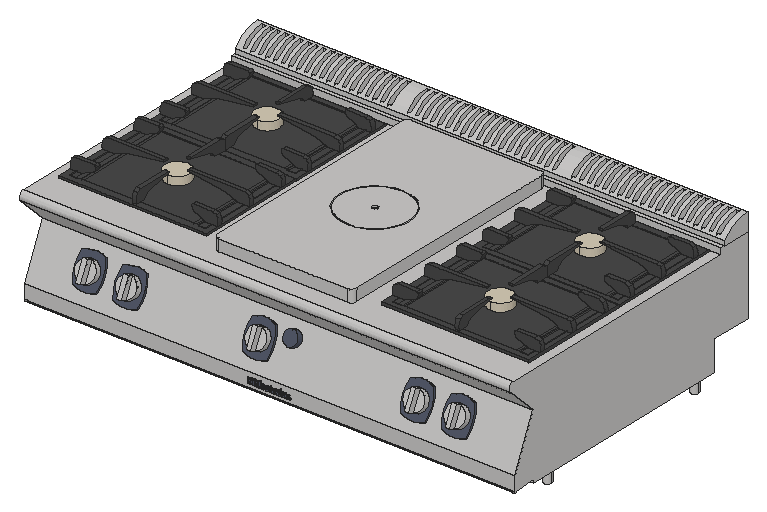
Revit family "QF_ELECTROLUXPROFESSIONAL_371012_E7STGL5000", category Specialty Equipment, Revit 2018
Family settings
  Round Connector Dimension = Use Diameter
  Part Type = Normal
  Work Plane-Based = No
  Always vertical = Yes
  Cut with Voids When Loaded = No
  Shared = No
  Room Calculation Point = No
Parameters (values of type "QF_ELECTROLUX_371012_E7STGL5000.rfa")
  Weight = 70.00 kg
  Watts = 0 W
  Volts = 0 V
  URL Manufacturer = "http://professional.electrolux.com"
  URL = "http://professional.electrolux.com"
  Steam Supply Size = 0"
  Steam Supply Minimum Pressure = 0.00 psi
  Steam Supply Maximum Pressure = 0.00 psi
  Steam Pounds per Hour = 0
  Show Logo [instance] = yes
  Show Clearance [instance] = yes
  Refrigeration Suction Line Size = 0"
  Refrigeration Liquid Line Size = 0"
  Refrigerant Compressor Remote = yes
  Phase = 0
  Model = "E7STGL5000"
  Manufacturer = "Electrolux"
  Length Actual = 1200 mm  # constant formula
  Item Number = "371012"
  Hot Water Size = 0"
  Height Actual = 250 mm  # constant formula
  HP = "0 HP"
  Gas Size = 1/2"
  Gas KW = 25.6
  Gas Input Pressure = 0.890765 Btu/h
  Direct Waste Size = 0"
  Description = "2-BURNER+GAS SOLID TOP+2 BURNER 1200 MM"
  Depth Actual = 730 mm  # constant formula
  Cycle = 0 Hz
  Condensate Return Size = 0"
  Compressed Air Volume = 0 GPM
  Compressed Air Size = 0"
  Compressed Air Pressure = 0.00 psi
  Cold Water Size = 0"
  Assembly Code = ""
  Accessory = yes
Values of the unnamed type that differ from the named types
  URL Manufacturer = ""
  Item Number = ""
  Gas KW = 0
  Gas Input Pressure = 0.0 Btu/h
Reference planes
  plane 1 "BACK": y = 0
  plane 2: z = 0
  plane 3 "LEFT": x = 0
  plane 4 "RIGHT": x = 1200
  plane 5 "FRONT": y = -730
  plane 6 "TOP": z = 900
  plane 7 "Center Y": x = 600
  plane 8 "Center X": y = -365
  plane 9 "Base Height": z = 650
  plane 10: z = 957.175
  plane 11: z = 625
Forms (mm)
  Extrusion 1, solid, material "QF_Finishes_Stainless Steel"
    sketch origin (0, 0, 625.388) x (0, 1, 0) y (0, 0, 1)
      loop
        line (0, 98.612) -> (0, 274.612) -> (-717.671, 274.612)
        arc (-717.671, 274.612) -> (-729.061, 267.002) -> (-726.389, 253.566) r 12.329
        line (-726.389, 253.566) -> (-659.656, 186.836) -> (-715.249, 66.05) -> (-715.249, 32.501)
        arc (-715.249, 32.501) -> (-714.091, 29.9) -> (-711.383, 29.021) r 3.5
        line (-711.383, 29.021) -> (-656.249, 34.815) -> (-656.249, 24.612) -> (-103, 24.612) -> (-103, 98.612) -> (0, 98.612)
    from 0 to 1200
  Extrusion 2, solid, material "QF_Finishes_Stainless Steel"
    sketch origin (0, 0, 625.388) x (0, 1, 0) y (0, 0, 1)
      loop
        line (0, 274.612) -> (0, 288.9) -> (-82, 288.9) -> (-82, 274.612) -> (0, 274.612)
    from 0 to 1200
  Extrusion 3, solid, material "QF_Finishes_Stainless Steel"
    sketch origin (-256.163, -4572, 650) x (-1, 0, 0) y (0, -1, 0)
      loop
        circle (-267.163, -4423) r 9.5
      loop
        circle (-267.163, -3973) r 9.5
      loop
        circle (-1445.163, -3973) r 9.5
      loop
        circle (-1445.163, -4423) r 9.5
    from 0 to -25
  Extrusion 4, solid, material "QF_Finishes_Stainless Steel"
    sketch origin (0, -103, 649.2) x (0, 0, 1) y (1, 0, 0)
      loop
        circle (37.8, 1148) r 6.5
    from 0 to 26.988
  Extrusion 5, void
    sketch origin (34.989, 0, 914.313) x (-1, 0, 0) y (0, -1, 0)
      loop
        line (-335.017, 6.761) -> (-335.017, 63.911) -> (-344.313, 63.911) -> (-344.313, 6.761) -> (-335.017, 6.761)
      loop
        line (-316.325, 6.761) -> (-316.325, 63.911) -> (-325.62, 63.911) -> (-325.62, 6.761) -> (-316.325, 6.761)
      loop
        line (-297.632, 6.761) -> (-297.632, 63.911) -> (-306.928, 63.911) -> (-306.928, 6.761) -> (-297.632, 6.761)
      loop
        line (-278.94, 6.761) -> (-278.94, 63.911) -> (-288.235, 63.911) -> (-288.235, 6.761) -> (-278.94, 6.761)
      loop
        line (-260.247, 6.761) -> (-260.247, 63.911) -> (-269.543, 63.911) -> (-269.543, 6.761) -> (-260.247, 6.761)
      loop
        line (-241.554, 6.761) -> (-241.554, 63.911) -> (-250.85, 63.911) -> (-250.85, 6.761) -> (-241.554, 6.761)
      loop
        line (-222.862, 6.761) -> (-222.862, 63.911) -> (-232.157, 63.911) -> (-232.157, 6.761) -> (-222.862, 6.761)
      loop
        line (-204.169, 6.761) -> (-204.169, 63.911) -> (-213.465, 63.911) -> (-213.465, 6.761) -> (-204.169, 6.761)
      loop
        line (-185.476, 6.761) -> (-185.476, 63.911) -> (-194.772, 63.911) -> (-194.772, 6.761) -> (-185.476, 6.761)
      loop
        line (-166.784, 6.761) -> (-166.784, 63.911) -> (-176.08, 63.911) -> (-176.08, 6.761) -> (-166.784, 6.761)
      loop
        line (-148.091, 6.761) -> (-148.091, 63.911) -> (-157.387, 63.911) -> (-157.387, 6.761) -> (-148.091, 6.761)
      loop
        line (-129.399, 6.761) -> (-129.399, 63.911) -> (-138.694, 63.911) -> (-138.694, 6.761) -> (-129.399, 6.761)
      loop
        line (-110.706, 6.761) -> (-110.706, 63.911) -> (-120.002, 63.911) -> (-120.002, 6.761) -> (-110.706, 6.761)
      loop
        line (-92.013, 6.761) -> (-92.013, 63.911) -> (-101.309, 63.911) -> (-101.309, 6.761) -> (-92.013, 6.761)
      loop
        line (-73.321, 6.761) -> (-73.321, 63.911) -> (-82.617, 63.911) -> (-82.617, 6.761) -> (-73.321, 6.761)
      loop
        line (-54.628, 6.761) -> (-54.628, 63.911) -> (-63.924, 63.911) -> (-63.924, 6.761) -> (-54.628, 6.761)
      loop
        line (-35.936, 6.761) -> (-35.936, 63.911) -> (-45.231, 63.911) -> (-45.231, 6.761) -> (-35.936, 6.761)
      loop
        line (-17.243, 6.761) -> (-17.243, 63.911) -> (-26.539, 63.911) -> (-26.539, 6.761) -> (-17.243, 6.761)
      loop
        line (1.45, 6.761) -> (1.45, 63.911) -> (-7.846, 63.911) -> (-7.846, 6.761) -> (1.45, 6.761)
      loop
        line (20.142, 6.761) -> (20.142, 63.911) -> (10.846, 63.911) -> (10.846, 6.761) -> (20.142, 6.761)
      loop
        line (-795.005, 6.761) -> (-785.709, 6.761) -> (-785.709, 63.911) -> (-795.005, 63.911) -> (-795.005, 6.761)
      loop
        line (-813.697, 6.761) -> (-804.401, 6.761) -> (-804.401, 63.911) -> (-813.697, 63.911) -> (-813.697, 6.761)
      loop
        line (-832.39, 6.761) -> (-823.094, 6.761) -> (-823.094, 63.911) -> (-832.39, 63.911) -> (-832.39, 6.761)
      loop
        line (-851.082, 6.761) -> (-841.787, 6.761) -> (-841.787, 63.911) -> (-851.082, 63.911) -> (-851.082, 6.761)
      loop
        line (-869.775, 6.761) -> (-860.479, 6.761) -> (-860.479, 63.911) -> (-869.775, 63.911) -> (-869.775, 6.761)
      loop
        line (-888.468, 6.761) -> (-879.172, 6.761) -> (-879.172, 63.911) -> (-888.468, 63.911) -> (-888.468, 6.761)
      loop
        line (-907.16, 6.761) -> (-897.864, 6.761) -> (-897.864, 63.911) -> (-907.16, 63.911) -> (-907.16, 6.761)
      loop
        line (-925.853, 6.761) -> (-916.557, 6.761) -> (-916.557, 63.911) -> (-925.853, 63.911) -> (-925.853, 6.761)
      loop
        line (-944.545, 6.761) -> (-935.25, 6.761) -> (-935.25, 63.911) -> (-944.545, 63.911) -> (-944.545, 6.761)
      loop
        line (-963.238, 6.761) -> (-953.942, 6.761) -> (-953.942, 63.911) -> (-963.238, 63.911) -> (-963.238, 6.761)
      loop
        line (-981.931, 6.761) -> (-972.635, 6.761) -> (-972.635, 63.911) -> (-981.931, 63.911) -> (-981.931, 6.761)
      loop
        line (-1000.623, 6.761) -> (-991.328, 6.761) -> (-991.328, 63.911) -> (-1000.623, 63.911) -> (-1000.623, 6.761)
      loop
        line (-1019.316, 6.761) -> (-1010.02, 6.761) -> (-1010.02, 63.911) -> (-1019.316, 63.911) -> (-1019.316, 6.761)
      loop
        line (-1038.008, 6.761) -> (-1028.713, 6.761) -> (-1028.713, 63.911) -> (-1038.008, 63.911) -> (-1038.008, 6.761)
      loop
        line (-1056.701, 6.761) -> (-1047.405, 6.761) -> (-1047.405, 63.911) -> (-1056.701, 63.911) -> (-1056.701, 6.761)
      loop
        line (-1075.394, 6.761) -> (-1066.098, 6.761) -> (-1066.098, 63.911) -> (-1075.394, 63.911) -> (-1075.394, 6.761)
      loop
        line (-1094.086, 6.761) -> (-1084.791, 6.761) -> (-1084.791, 63.911) -> (-1094.086, 63.911) -> (-1094.086, 6.761)
      loop
        line (-1112.779, 6.761) -> (-1103.483, 6.761) -> (-1103.483, 63.911) -> (-1112.779, 63.911) -> (-1112.779, 6.761)
      loop
        line (-1131.472, 6.761) -> (-1122.176, 6.761) -> (-1122.176, 63.911) -> (-1131.472, 63.911) -> (-1131.472, 6.761)
      loop
        line (-1150.164, 6.761) -> (-1140.868, 6.761) -> (-1140.868, 63.911) -> (-1150.164, 63.911) -> (-1150.164, 6.761)
      loop
        line (-392.079, 6.761) -> (-382.783, 6.761) -> (-382.783, 63.911) -> (-392.079, 63.911) -> (-392.079, 6.761)
      loop
        line (-410.772, 6.761) -> (-401.476, 6.761) -> (-401.476, 63.911) -> (-410.772, 63.911) -> (-410.772, 6.761)
      loop
        line (-429.464, 6.761) -> (-420.169, 6.761) -> (-420.169, 63.911) -> (-429.464, 63.911) -> (-429.464, 6.761)
      loop
        line (-448.157, 6.761) -> (-438.861, 6.761) -> (-438.861, 63.911) -> (-448.157, 63.911) -> (-448.157, 6.761)
      loop
        line (-466.849, 6.761) -> (-457.554, 6.761) -> (-457.554, 63.911) -> (-466.849, 63.911) -> (-466.849, 6.761)
      loop
        line (-485.542, 6.761) -> (-476.246, 6.761) -> (-476.246, 63.911) -> (-485.542, 63.911) -> (-485.542, 6.761)
      loop
        line (-504.235, 6.761) -> (-494.939, 6.761) -> (-494.939, 63.911) -> (-504.235, 63.911) -> (-504.235, 6.761)
      loop
        line (-522.927, 6.761) -> (-513.632, 6.761) -> (-513.632, 63.911) -> (-522.927, 63.911) -> (-522.927, 6.761)
      loop
        line (-541.62, 6.761) -> (-532.324, 6.761) -> (-532.324, 63.911) -> (-541.62, 63.911) -> (-541.62, 6.761)
      loop
        line (-560.313, 6.761) -> (-551.017, 6.761) -> (-551.017, 63.911) -> (-560.313, 63.911) -> (-560.313, 6.761)
      loop
        line (-579.005, 6.761) -> (-569.709, 6.761) -> (-569.709, 63.911) -> (-579.005, 63.911) -> (-579.005, 6.761)
      loop
        line (-597.698, 6.761) -> (-588.402, 6.761) -> (-588.402, 63.911) -> (-597.698, 63.911) -> (-597.698, 6.761)
      loop
        line (-616.39, 6.761) -> (-607.095, 6.761) -> (-607.095, 63.911) -> (-616.39, 63.911) -> (-616.39, 6.761)
      loop
        line (-635.083, 6.761) -> (-625.787, 6.761) -> (-625.787, 63.911) -> (-635.083, 63.911) -> (-635.083, 6.761)
      loop
        line (-653.776, 6.761) -> (-644.48, 6.761) -> (-644.48, 63.911) -> (-653.776, 63.911) -> (-653.776, 6.761)
      loop
        line (-672.468, 6.761) -> (-663.172, 6.761) -> (-663.172, 63.911) -> (-672.468, 63.911) -> (-672.468, 6.761)
      loop
        line (-691.161, 6.761) -> (-681.865, 6.761) -> (-681.865, 63.911) -> (-691.161, 63.911) -> (-691.161, 6.761)
      loop
        line (-709.853, 6.761) -> (-700.558, 6.761) -> (-700.558, 63.911) -> (-709.853, 63.911) -> (-709.853, 6.761)
      loop
        line (-728.546, 6.761) -> (-719.25, 6.761) -> (-719.25, 63.911) -> (-728.546, 63.911) -> (-728.546, 6.761)
      loop
        line (-747.239, 6.761) -> (-737.943, 6.761) -> (-737.943, 63.911) -> (-747.239, 63.911) -> (-747.239, 6.761)
    from 9.525 to 45.348
  Extrusion 6, solid, material "QF_Finishes_Stainless Steel"
    sketch origin (0, 0, 639.675) x (0, 1, 0) y (0, 0, 1)
      loop
        line (0, 274.613) -> (0, 317.5)
        arc (0, 317.5) -> (-38.885, 309.109) -> (-69.85, 284.137) r 86.116
        line (-69.85, 284.137) -> (-69.85, 274.613) -> (0, 274.613)
    from 0 to 1200
  Extrusion 7, solid, material "QF_Finishes_Clearance", visible <- "Show Clearance", detail levels coarse
    sketch origin (0, 0, 625.388) x (1, 0, 0) y (0, 1, 0)
      loop
        line (0, -730) -> (0, 0) -> (1200, 0) -> (1200, -730) -> (1350, -730) -> (1350, 150) -> (-150, 150) -> (-150, -730) -> (0, -730)
    from -0.388 to 331.787
  Extrusion 8, solid, material "QF_Finishes_Stainless Steel"
    sketch origin (17.4, 0, 900.025) x (0, -1, 0) y (1, 0, 0)
      loop
        arc (82.3, 425.3) -> (86.02, 416.32) -> (95, 412.6) r 12.7
        line (95, 412.6) -> (659.6, 412.6)
        arc (659.6, 412.6) -> (668.58, 416.32) -> (672.3, 425.3) r 12.7
        line (672.3, 425.3) -> (672.3, 739.9)
        arc (672.3, 739.9) -> (668.58, 748.88) -> (659.6, 752.6) r 12.7
        line (659.6, 752.6) -> (95, 752.6)
        arc (95, 752.6) -> (86.02, 748.88) -> (82.3, 739.9) r 12.7
        line (82.3, 739.9) -> (82.3, 425.3)
      loop
        circle (392.3, 582.6) r 82.55
      loop
        circle (392.3, 582.749) r 7
      loop
        arc (321.294, 630.138) -> (332.808, 521.513) -> (441.693, 512.789) r 85.532
        arc (441.693, 512.789) -> (467.94, 542.808) -> (477.742, 581.461) r 85.614
        arc (477.742, 581.461) -> (417.686, 664.192) -> (321.294, 630.138) r 85.45
    from 0 to 28.575
  Extrusion 9, solid, material "QF_Finishes_Stainless Steel"
    sketch origin (-0.019, 12.7, 900.025) x (0, -1, 0) y (1, 0, 0)
      loop
        circle (405, 600) r 7
    from 0 to 26.981
  Extrusion 10, solid, material "QF_Finishes_Navy Blue"
    sketch origin (-402.256, -713.89, 694.39) x (0, 0.418102, 0.9084) y (-1, 0, 0)
      loop
        arc (102.623, -510.47) -> (67.041, -502.846) -> (31.333, -509.853) r 90.5
        arc (31.333, -509.853) -> (24.507, -539.04) -> (31.333, -568.228) r 65.817
        arc (31.333, -568.228) -> (67.04, -575.188) -> (102.623, -567.615) r 91.066
        arc (102.623, -567.615) -> (109.179, -539.043) -> (102.623, -510.47) r 65.546
    from 0 to 3.175
  Extrusion 11, solid, material "QF_Finishes_Stainless Steel"
    sketch origin (-23.506, -717.604, 693.916) x (0, 0.418102, 0.9084) y (-1, 0, 0)
      loop
        circle (68.826, -160.963) r 25.4
    from 0 to 12.7
  Extrusion 12, solid, material "QF_Finishes_Stainless Steel"
    sketch origin (-23.506, -729.14, 699.226) x (0, 0.418102, 0.9084) y (-1, 0, 0)
      loop
        arc (93.558, -166.749) -> (94.226, -160.963) -> (93.558, -155.177) r 25.4
        line (93.558, -155.177) -> (44.094, -155.177)
        arc (44.094, -155.177) -> (43.426, -160.963) -> (44.094, -166.749) r 25.4
        line (44.094, -166.749) -> (93.558, -166.749)
    from 0 to 12.7
  Extrusion 13, solid, material "QF_Finishes_Navy Blue"
    sketch origin (-302.256, -713.89, 694.39) x (0, 0.418102, 0.9084) y (-1, 0, 0)
      loop
        arc (102.623, -510.47) -> (67.041, -502.846) -> (31.333, -509.853) r 90.5
        arc (31.333, -509.853) -> (24.507, -539.04) -> (31.333, -568.228) r 65.817
        arc (31.333, -568.228) -> (67.04, -575.188) -> (102.623, -567.615) r 91.066
        arc (102.623, -567.615) -> (109.179, -539.043) -> (102.623, -510.47) r 65.546
    from 0 to 3.175
  Extrusion 14, solid, material "QF_Finishes_Stainless Steel"
    sketch origin (76.494, -717.604, 693.916) x (0, 0.418102, 0.9084) y (-1, 0, 0)
      loop
        circle (68.826, -160.963) r 25.4
    from 0 to 12.7
  Extrusion 15, solid, material "QF_Finishes_Stainless Steel"
    sketch origin (76.494, -729.14, 699.226) x (0, 0.418102, 0.9084) y (-1, 0, 0)
      loop
        arc (93.558, -166.749) -> (94.226, -160.963) -> (93.558, -155.177) r 25.4
        line (93.558, -155.177) -> (44.094, -155.177)
        arc (44.094, -155.177) -> (43.426, -160.963) -> (44.094, -166.749) r 25.4
        line (44.094, -166.749) -> (93.558, -166.749)
    from 0 to 12.7
  Extrusion 16, solid, material "QF_Finishes_Navy Blue"
    sketch origin (15.287, -713.89, 694.39) x (0, 0.418102, 0.9084) y (-1, 0, 0)
      loop
        arc (102.623, -510.47) -> (67.041, -502.846) -> (31.333, -509.853) r 90.5
        arc (31.333, -509.853) -> (24.507, -539.04) -> (31.333, -568.228) r 65.817
        arc (31.333, -568.228) -> (67.04, -575.188) -> (102.623, -567.615) r 91.066
        arc (102.623, -567.615) -> (109.179, -539.043) -> (102.623, -510.47) r 65.546
    from 0 to 3.175
  Extrusion 17, solid, material "QF_Finishes_Stainless Steel"
    sketch origin (394.037, -717.604, 693.916) x (0, 0.418102, 0.9084) y (-1, 0, 0)
      loop
        circle (68.826, -160.963) r 25.4
    from 0 to 12.7
  Extrusion 18, solid, material "QF_Finishes_Stainless Steel"
    sketch origin (394.037, -729.14, 699.226) x (0, 0.418102, 0.9084) y (-1, 0, 0)
      loop
        arc (93.558, -166.749) -> (94.226, -160.963) -> (93.558, -155.177) r 25.4
        line (93.558, -155.177) -> (44.094, -155.177)
        arc (44.094, -155.177) -> (43.426, -160.963) -> (44.094, -166.749) r 25.4
        line (44.094, -166.749) -> (93.558, -166.749)
    from 0 to 12.7
  Extrusion 19, solid, material "QF_Finishes_Navy Blue"
    sketch origin (314.557, -703.438, 717.1) x (0, 0.418102, 0.9084) y (-1, 0, 0)
      loop
        circle (65.471, -315.169) r 17.78
    from 0 to 12.7
  Extrusion 20, solid, material "QF_Finishes_Navy Blue"
    sketch origin (402.744, -713.89, 694.39) x (0, 0.418102, 0.9084) y (-1, 0, 0)
      loop
        arc (102.623, -510.47) -> (67.041, -502.846) -> (31.333, -509.853) r 90.5
        arc (31.333, -509.853) -> (24.507, -539.04) -> (31.333, -568.228) r 65.817
        arc (31.333, -568.228) -> (67.04, -575.188) -> (102.623, -567.615) r 91.066
        arc (102.623, -567.615) -> (109.179, -539.043) -> (102.623, -510.47) r 65.546
    from 0 to 3.175
  Extrusion 21, solid, material "QF_Finishes_Stainless Steel"
    sketch origin (781.494, -717.604, 693.916) x (0, 0.418102, 0.9084) y (-1, 0, 0)
      loop
        circle (68.826, -160.963) r 25.4
    from 0 to 12.7
  Extrusion 22, solid, material "QF_Finishes_Stainless Steel"
    sketch origin (781.494, -729.14, 699.226) x (0, 0.418102, 0.9084) y (-1, 0, 0)
      loop
        arc (93.558, -166.749) -> (94.226, -160.963) -> (93.558, -155.177) r 25.4
        line (93.558, -155.177) -> (44.094, -155.177)
        arc (44.094, -155.177) -> (43.426, -160.963) -> (44.094, -166.749) r 25.4
        line (44.094, -166.749) -> (93.558, -166.749)
    from 0 to 12.7
  Extrusion 23, solid, material "QF_Finishes_Navy Blue"
    sketch origin (502.744, -713.89, 694.39) x (0, 0.418102, 0.9084) y (-1, 0, 0)
      loop
        arc (102.623, -510.47) -> (67.041, -502.846) -> (31.333, -509.853) r 90.5
        arc (31.333, -509.853) -> (24.507, -539.04) -> (31.333, -568.228) r 65.817
        arc (31.333, -568.228) -> (67.04, -575.188) -> (102.623, -567.615) r 91.066
        arc (102.623, -567.615) -> (109.179, -539.043) -> (102.623, -510.47) r 65.546
    from 0 to 3.175
  Extrusion 24, solid, material "QF_Finishes_Stainless Steel"
    sketch origin (881.494, -717.604, 693.916) x (0, 0.418102, 0.9084) y (-1, 0, 0)
      loop
        circle (68.826, -160.963) r 25.4
    from 0 to 12.7
  Extrusion 25, solid, material "QF_Finishes_Stainless Steel"
    sketch origin (881.494, -729.14, 699.226) x (0, 0.418102, 0.9084) y (-1, 0, 0)
      loop
        arc (93.558, -166.749) -> (94.226, -160.963) -> (93.558, -155.177) r 25.4
        line (93.558, -155.177) -> (44.094, -155.177)
        arc (44.094, -155.177) -> (43.426, -160.963) -> (44.094, -166.749) r 25.4
        line (44.094, -166.749) -> (93.558, -166.749)
    from 0 to 12.7
Cuts and joins
  Extrusion 5 cuts Extrusion 6
  joined: Extrusion 1, Extrusion 2
Lines and regions (mm)
  symbolic lines
    curve 1: line (0, -730, 0) -> (1200, -730, 0)
    curve 2: line (0, 0, 0) -> (0, -730, 0)
    curve 3: line (1200, 0, 0) -> (0, 0, 0)
    curve 4: line (1200, -730, 0) -> (1200, 0, 0)
    curve 5: line (0, -76.2, 0) -> (1200, -76.2, 0)
    curve 6: line (0, -69.85, 0) -> (1200, -69.85, 0)
    curve 7: line (14.847, -63.911, 0) -> (14.847, -6.761, 0)
    curve 8: line (14.847, -6.761, 0) -> (24.143, -6.761, 0)
    curve 9: line (24.143, -6.761, 0) -> (24.143, -63.911, 0)
    curve 10: line (24.143, -63.911, 0) -> (14.847, -63.911, 0)
    curve 11: line (33.539, -63.911, 0) -> (33.539, -6.761, 0)
    curve 12: line (33.539, -6.761, 0) -> (42.835, -6.761, 0)
    curve 13: line (42.835, -6.761, 0) -> (42.835, -63.911, 0)
    curve 14: line (42.835, -63.911, 0) -> (33.539, -63.911, 0)
    curve 15: line (52.232, -63.911, 0) -> (52.232, -6.761, 0)
    curve 16: line (52.232, -6.761, 0) -> (61.528, -6.761, 0)
    curve 17: line (61.528, -6.761, 0) -> (61.528, -63.911, 0)
    curve 18: line (61.528, -63.911, 0) -> (52.232, -63.911, 0)
    curve 19: line (70.925, -63.911, 0) -> (70.925, -6.761, 0)
    curve 20: line (70.925, -6.761, 0) -> (80.22, -6.761, 0)
    curve 21: line (80.22, -6.761, 0) -> (80.22, -63.911, 0)
    curve 22: line (80.22, -63.911, 0) -> (70.925, -63.911, 0)
    curve 23: line (89.617, -63.911, 0) -> (89.617, -6.761, 0)
    curve 24: line (89.617, -6.761, 0) -> (98.913, -6.761, 0)
    curve 25: line (98.913, -6.761, 0) -> (98.913, -63.911, 0)
    curve 26: line (98.913, -63.911, 0) -> (89.617, -63.911, 0)
    curve 27: line (108.31, -63.911, 0) -> (108.31, -6.761, 0)
    curve 28: line (108.31, -6.761, 0) -> (117.606, -6.761, 0)
    curve 29: line (117.606, -6.761, 0) -> (117.606, -63.911, 0)
    curve 30: line (117.606, -63.911, 0) -> (108.31, -63.911, 0)
    curve 31: line (127.002, -63.911, 0) -> (127.002, -6.761, 0)
    curve 32: line (127.002, -6.761, 0) -> (136.298, -6.761, 0)
    curve 33: line (136.298, -6.761, 0) -> (136.298, -63.911, 0)
    curve 34: line (136.298, -63.911, 0) -> (127.002, -63.911, 0)
    curve 35: line (145.695, -63.911, 0) -> (145.695, -6.761, 0)
    curve 36: line (145.695, -6.761, 0) -> (154.991, -6.761, 0)
    curve 37: line (154.991, -6.761, 0) -> (154.991, -63.911, 0)
    curve 38: line (154.991, -63.911, 0) -> (145.695, -63.911, 0)
    curve 39: line (164.388, -63.911, 0) -> (164.388, -6.761, 0)
    curve 40: line (164.388, -6.761, 0) -> (173.683, -6.761, 0)
    curve 41: line (173.683, -6.761, 0) -> (173.683, -63.911, 0)
    curve 42: line (173.683, -63.911, 0) -> (164.388, -63.911, 0)
    curve 43: line (183.08, -63.911, 0) -> (183.08, -6.761, 0)
    curve 44: line (183.08, -6.761, 0) -> (192.376, -6.761, 0)
    curve 45: line (192.376, -6.761, 0) -> (192.376, -63.911, 0)
    curve 46: line (192.376, -63.911, 0) -> (183.08, -63.911, 0)
    curve 47: line (201.773, -63.911, 0) -> (201.773, -6.761, 0)
    curve 48: line (201.773, -6.761, 0) -> (211.069, -6.761, 0)
    curve 49: line (211.069, -6.761, 0) -> (211.069, -63.911, 0)
    curve 50: line (211.069, -63.911, 0) -> (201.773, -63.911, 0)
    curve 51: line (220.466, -63.911, 0) -> (220.466, -6.761, 0)
    curve 52: line (220.466, -6.761, 0) -> (229.761, -6.761, 0)
    curve 53: line (229.761, -6.761, 0) -> (229.761, -63.911, 0)
    curve 54: line (229.761, -63.911, 0) -> (220.466, -63.911, 0)
    curve 55: line (239.158, -63.911, 0) -> (239.158, -6.761, 0)
    curve 56: line (239.158, -6.761, 0) -> (248.454, -6.761, 0)
    curve 57: line (248.454, -6.761, 0) -> (248.454, -63.911, 0)
    curve 58: line (248.454, -63.911, 0) -> (239.158, -63.911, 0)
    curve 59: line (370.006, -63.911, 0) -> (370.006, -6.761, 0)
    curve 60: line (370.006, -6.761, 0) -> (379.302, -6.761, 0)
    curve 61: line (379.302, -6.761, 0) -> (379.302, -63.911, 0)
    curve 62: line (379.302, -63.911, 0) -> (370.006, -63.911, 0)
    curve 63: line (351.314, -63.911, 0) -> (351.314, -6.761, 0)
    curve 64: line (351.314, -6.761, 0) -> (360.61, -6.761, 0)
    curve 65: line (360.61, -6.761, 0) -> (360.61, -63.911, 0)
    curve 66: line (360.61, -63.911, 0) -> (351.314, -63.911, 0)
    curve 67: line (332.621, -63.911, 0) -> (332.621, -6.761, 0)
    curve 68: line (332.621, -6.761, 0) -> (341.917, -6.761, 0)
    curve 69: line (341.917, -6.761, 0) -> (341.917, -63.911, 0)
    curve 70: line (341.917, -63.911, 0) -> (332.621, -63.911, 0)
    curve 71: line (313.929, -63.911, 0) -> (313.929, -6.761, 0)
    curve 72: line (313.929, -6.761, 0) -> (323.224, -6.761, 0)
    curve 73: line (323.224, -6.761, 0) -> (323.224, -63.911, 0)
    curve 74: line (323.224, -63.911, 0) -> (313.929, -63.911, 0)
    curve 75: line (295.236, -63.911, 0) -> (295.236, -6.761, 0)
    curve 76: line (295.236, -6.761, 0) -> (304.532, -6.761, 0)
    curve 77: line (304.532, -6.761, 0) -> (304.532, -63.911, 0)
    curve 78: line (304.532, -63.911, 0) -> (295.236, -63.911, 0)
    curve 79: line (276.543, -63.911, 0) -> (276.543, -6.761, 0)
    curve 80: line (276.543, -6.761, 0) -> (285.839, -6.761, 0)
    curve 81: line (285.839, -6.761, 0) -> (285.839, -63.911, 0)
    curve 82: line (285.839, -63.911, 0) -> (276.543, -63.911, 0)
    curve 83: line (257.851, -63.911, 0) -> (257.851, -6.761, 0)
    curve 84: line (257.851, -6.761, 0) -> (267.146, -6.761, 0)
    curve 85: line (267.146, -6.761, 0) -> (267.146, -63.911, 0)
    curve 86: line (267.146, -63.911, 0) -> (257.851, -63.911, 0)
    curve 87: line (0, -715.249, 0) -> (1200, -715.249, 0)
    curve 91: line (430, -95, 150) -> (430, -659.6, 150)
    curve 92: arc (430, -659.6, 150) -> (433.72, -668.58, 150) -> (442.7, -672.3, 150) r 12.7
    curve 93: line (442.7, -672.3, 150) -> (757.3, -672.3, 150)
    curve 94: line (757.3, -82.3, 150) -> (442.7, -82.3, 150)
    curve 95: arc (442.7, -82.3, 150) -> (433.72, -86.02, 150) -> (430, -95, 150) r 12.7
    curve 96: line (770, -659.6, 150) -> (770, -95, 150)
    curve 97: arc (770, -95, 150) -> (766.28, -86.02, 150) -> (757.3, -82.3, 150) r 12.7
    curve 98: arc (757.3, -672.3, 150) -> (766.28, -668.58, 150) -> (770, -659.6, 150) r 12.7
    curve 99: arc (610.598, -477.09, 150) -> (543.814, -456.68, 150) -> (514.556, -393.272, 150) r 85.45
    curve 100: arc (608.565, -307.28, 150) -> (662.771, -334.321, 150) -> (685.431, -390.499, 150) r 85.45
    curve 101: arc (600, -309.75, 150) -> (517.45, -392.3, 150) -> (600, -474.85, 150) r 82.55
    curve 102: arc (600, -474.85, 150) -> (682.55, -392.3, 150) -> (600, -309.75, 150) r 82.55
    curve 103: arc (600, -385.3, 150) -> (607, -392.3, 150) -> (600, -399.3, 150) r 7
    curve 104: arc (600, -399.3, 150) -> (593, -392.3, 150) -> (600, -385.3, 150) r 7
    curve 105: line (430, -390.499, 150) -> (514.569, -390.499, 150)
    curve 106: line (430, -393.272, 150) -> (514.556, -393.272, 150)
    curve 107: line (685.444, -393.272, 150) -> (770, -393.272, 150)
    curve 108: line (685.431, -390.499, 150) -> (770, -390.499, 150)
    curve 109: arc (514.569, -390.499, 150) -> (543.357, -328.321, 150) -> (608.565, -307.28, 150) r 85.45
    curve 110: arc (685.444, -393.272, 150) -> (663.737, -449.215, 150) -> (610.598, -477.09, 150) r 85.45
    curve 111: line (417.772, -63.911, 0) -> (417.772, -6.761, 0)
    curve 112: line (417.772, -6.761, 0) -> (427.068, -6.761, 0)
    curve 113: line (427.068, -6.761, 0) -> (427.068, -63.911, 0)
    curve 114: line (427.068, -63.911, 0) -> (417.772, -63.911, 0)
    curve 115: line (436.465, -63.911, 0) -> (436.465, -6.761, 0)
    curve 116: line (436.465, -6.761, 0) -> (445.761, -6.761, 0)
    curve 117: line (445.761, -6.761, 0) -> (445.761, -63.911, 0)
    curve 118: line (445.761, -63.911, 0) -> (436.465, -63.911, 0)
    curve 119: line (455.158, -63.911, 0) -> (455.158, -6.761, 0)
    curve 120: line (455.158, -6.761, 0) -> (464.453, -6.761, 0)
    curve 121: line (464.453, -6.761, 0) -> (464.453, -63.911, 0)
    curve 122: line (464.453, -63.911, 0) -> (455.158, -63.911, 0)
    curve 123: line (473.85, -63.911, 0) -> (473.85, -6.761, 0)
    curve 124: line (473.85, -6.761, 0) -> (483.146, -6.761, 0)
    curve 125: line (483.146, -6.761, 0) -> (483.146, -63.911, 0)
    curve 126: line (483.146, -63.911, 0) -> (473.85, -63.911, 0)
    curve 127: line (492.543, -63.911, 0) -> (492.543, -6.761, 0)
    curve 128: line (492.543, -6.761, 0) -> (501.839, -6.761, 0)
    curve 129: line (501.839, -6.761, 0) -> (501.839, -63.911, 0)
    curve 130: line (501.839, -63.911, 0) -> (492.543, -63.911, 0)
    curve 131: line (511.235, -63.911, 0) -> (511.235, -6.761, 0)
    curve 132: line (511.235, -6.761, 0) -> (520.531, -6.761, 0)
    curve 133: line (520.531, -6.761, 0) -> (520.531, -63.911, 0)
    curve 134: line (520.531, -63.911, 0) -> (511.235, -63.911, 0)
    curve 135: line (529.928, -63.911, 0) -> (529.928, -6.761, 0)
    curve 136: line (529.928, -6.761, 0) -> (539.224, -6.761, 0)
    curve 137: line (539.224, -6.761, 0) -> (539.224, -63.911, 0)
    curve 138: line (539.224, -63.911, 0) -> (529.928, -63.911, 0)
    curve 139: line (548.621, -63.911, 0) -> (548.621, -6.761, 0)
    curve 140: line (548.621, -6.761, 0) -> (557.916, -6.761, 0)
    curve 141: line (557.916, -6.761, 0) -> (557.916, -63.911, 0)
    curve 142: line (557.916, -63.911, 0) -> (548.621, -63.911, 0)
    curve 143: line (567.313, -63.911, 0) -> (567.313, -6.761, 0)
    curve 144: line (567.313, -6.761, 0) -> (576.609, -6.761, 0)
    curve 145: line (576.609, -6.761, 0) -> (576.609, -63.911, 0)
    curve 146: line (576.609, -63.911, 0) -> (567.313, -63.911, 0)
    curve 147: line (586.006, -63.911, 0) -> (586.006, -6.761, 0)
    curve 148: line (586.006, -6.761, 0) -> (595.302, -6.761, 0)
    curve 149: line (595.302, -6.761, 0) -> (595.302, -63.911, 0)
    curve 150: line (595.302, -63.911, 0) -> (586.006, -63.911, 0)
    curve 151: line (604.698, -63.911, 0) -> (604.698, -6.761, 0)
    curve 152: line (604.698, -6.761, 0) -> (613.994, -6.761, 0)
    curve 153: line (613.994, -6.761, 0) -> (613.994, -63.911, 0)
    curve 154: line (613.994, -63.911, 0) -> (604.698, -63.911, 0)
    curve 155: line (623.391, -63.911, 0) -> (623.391, -6.761, 0)
    curve 156: line (623.391, -6.761, 0) -> (632.687, -6.761, 0)
    curve 157: line (632.687, -6.761, 0) -> (632.687, -63.911, 0)
    curve 158: line (632.687, -63.911, 0) -> (623.391, -63.911, 0)
    curve 159: line (642.084, -63.911, 0) -> (642.084, -6.761, 0)
    curve 160: line (642.084, -6.761, 0) -> (651.379, -6.761, 0)
    curve 161: line (651.379, -6.761, 0) -> (651.379, -63.911, 0)
    curve 162: line (651.379, -63.911, 0) -> (642.084, -63.911, 0)
    curve 163: line (772.932, -63.911, 0) -> (772.932, -6.761, 0)
    curve 164: line (772.932, -6.761, 0) -> (782.228, -6.761, 0)
    curve 165: line (782.228, -6.761, 0) -> (782.228, -63.911, 0)
    curve 166: line (782.228, -63.911, 0) -> (772.932, -63.911, 0)
    curve 167: line (754.239, -63.911, 0) -> (754.239, -6.761, 0)
    curve 168: line (754.239, -6.761, 0) -> (763.535, -6.761, 0)
    curve 169: line (763.535, -6.761, 0) -> (763.535, -63.911, 0)
    curve 170: line (763.535, -63.911, 0) -> (754.239, -63.911, 0)
    curve 171: line (735.547, -63.911, 0) -> (735.547, -6.761, 0)
    curve 172: line (735.547, -6.761, 0) -> (744.842, -6.761, 0)
    curve 173: line (744.842, -6.761, 0) -> (744.842, -63.911, 0)
    curve 174: line (744.842, -63.911, 0) -> (735.547, -63.911, 0)
    curve 175: line (716.854, -63.911, 0) -> (716.854, -6.761, 0)
    curve 176: line (716.854, -6.761, 0) -> (726.15, -6.761, 0)
    curve 177: line (726.15, -6.761, 0) -> (726.15, -63.911, 0)
    curve 178: line (726.15, -63.911, 0) -> (716.854, -63.911, 0)
    curve 179: line (698.161, -63.911, 0) -> (698.161, -6.761, 0)
    curve 180: line (698.161, -6.761, 0) -> (707.457, -6.761, 0)
    curve 181: line (707.457, -6.761, 0) -> (707.457, -63.911, 0)
    curve 182: line (707.457, -63.911, 0) -> (698.161, -63.911, 0)
    curve 183: line (679.469, -63.911, 0) -> (679.469, -6.761, 0)
    curve 184: line (679.469, -6.761, 0) -> (688.765, -6.761, 0)
    curve 185: line (688.765, -6.761, 0) -> (688.765, -63.911, 0)
    curve 186: line (688.765, -63.911, 0) -> (679.469, -63.911, 0)
    curve 187: line (660.776, -63.911, 0) -> (660.776, -6.761, 0)
    curve 188: line (660.776, -6.761, 0) -> (670.072, -6.761, 0)
    curve 189: line (670.072, -6.761, 0) -> (670.072, -63.911, 0)
    curve 190: line (670.072, -63.911, 0) -> (660.776, -63.911, 0)
    curve 191: line (820.698, -63.911, 0) -> (820.698, -6.761, 0)
    curve 192: line (820.698, -6.761, 0) -> (829.994, -6.761, 0)
    curve 193: line (829.994, -6.761, 0) -> (829.994, -63.911, 0)
    curve 194: line (829.994, -63.911, 0) -> (820.698, -63.911, 0)
    curve 195: line (839.39, -63.911, 0) -> (839.39, -6.761, 0)
    curve 196: line (839.39, -6.761, 0) -> (848.686, -6.761, 0)
    curve 197: line (848.686, -6.761, 0) -> (848.686, -63.911, 0)
    curve 198: line (848.686, -63.911, 0) -> (839.39, -63.911, 0)
    curve 199: line (858.083, -63.911, 0) -> (858.083, -6.761, 0)
    curve 200: line (858.083, -6.761, 0) -> (867.379, -6.761, 0)
    curve 201: line (867.379, -6.761, 0) -> (867.379, -63.911, 0)
    curve 202: line (867.379, -63.911, 0) -> (858.083, -63.911, 0)
    curve 203: line (876.776, -63.911, 0) -> (876.776, -6.761, 0)
    curve 204: line (876.776, -6.761, 0) -> (886.071, -6.761, 0)
    curve 205: line (886.071, -6.761, 0) -> (886.071, -63.911, 0)
    curve 206: line (886.071, -63.911, 0) -> (876.776, -63.911, 0)
    curve 207: line (895.468, -63.911, 0) -> (895.468, -6.761, 0)
    curve 208: line (895.468, -6.761, 0) -> (904.764, -6.761, 0)
    curve 209: line (904.764, -6.761, 0) -> (904.764, -63.911, 0)
    curve 210: line (904.764, -63.911, 0) -> (895.468, -63.911, 0)
    curve 211: line (914.161, -63.911, 0) -> (914.161, -6.761, 0)
    curve 212: line (914.161, -6.761, 0) -> (923.457, -6.761, 0)
    curve 213: line (923.457, -6.761, 0) -> (923.457, -63.911, 0)
    curve 214: line (923.457, -63.911, 0) -> (914.161, -63.911, 0)
    curve 215: line (932.854, -63.911, 0) -> (932.854, -6.761, 0)
    curve 216: line (932.854, -6.761, 0) -> (942.149, -6.761, 0)
    curve 217: line (942.149, -6.761, 0) -> (942.149, -63.911, 0)
    curve 218: line (942.149, -63.911, 0) -> (932.854, -63.911, 0)
    curve 219: line (951.546, -63.911, 0) -> (951.546, -6.761, 0)
    curve 220: line (951.546, -6.761, 0) -> (960.842, -6.761, 0)
    curve 221: line (960.842, -6.761, 0) -> (960.842, -63.911, 0)
    curve 222: line (960.842, -63.911, 0) -> (951.546, -63.911, 0)
    curve 223: line (970.239, -63.911, 0) -> (970.239, -6.761, 0)
    curve 224: line (970.239, -6.761, 0) -> (979.534, -6.761, 0)
    curve 225: line (979.534, -6.761, 0) -> (979.534, -63.911, 0)
    curve 226: line (979.534, -63.911, 0) -> (970.239, -63.911, 0)
    curve 227: line (988.931, -63.911, 0) -> (988.931, -6.761, 0)
    curve 228: line (988.931, -6.761, 0) -> (998.227, -6.761, 0)
    curve 229: line (998.227, -6.761, 0) -> (998.227, -63.911, 0)
    curve 230: line (998.227, -63.911, 0) -> (988.931, -63.911, 0)
    curve 231: line (1007.624, -63.911, 0) -> (1007.624, -6.761, 0)
    curve 232: line (1007.624, -6.761, 0) -> (1016.92, -6.761, 0)
    curve 233: line (1016.92, -6.761, 0) -> (1016.92, -63.911, 0)
    curve 234: line (1016.92, -63.911, 0) -> (1007.624, -63.911, 0)
    curve 235: line (1026.317, -63.911, 0) -> (1026.317, -6.761, 0)
    curve 236: line (1026.317, -6.761, 0) -> (1035.612, -6.761, 0)
    curve 237: line (1035.612, -6.761, 0) -> (1035.612, -63.911, 0)
    curve 238: line (1035.612, -63.911, 0) -> (1026.317, -63.911, 0)
    curve 239: line (1045.009, -63.911, 0) -> (1045.009, -6.761, 0)
    curve 240: line (1045.009, -6.761, 0) -> (1054.305, -6.761, 0)
    curve 241: line (1054.305, -6.761, 0) -> (1054.305, -63.911, 0)
    curve 242: line (1054.305, -63.911, 0) -> (1045.009, -63.911, 0)
    curve 243: line (1175.857, -63.911, 0) -> (1175.857, -6.761, 0)
    curve 244: line (1175.857, -6.761, 0) -> (1185.153, -6.761, 0)
    curve 245: line (1185.153, -6.761, 0) -> (1185.153, -63.911, 0)
    curve 246: line (1185.153, -63.911, 0) -> (1175.857, -63.911, 0)
    curve 247: line (1157.165, -63.911, 0) -> (1157.165, -6.761, 0)
    curve 248: line (1157.165, -6.761, 0) -> (1166.461, -6.761, 0)
    curve 249: line (1166.461, -6.761, 0) -> (1166.461, -63.911, 0)
    curve 250: line (1166.461, -63.911, 0) -> (1157.165, -63.911, 0)
    curve 251: line (1138.472, -63.911, 0) -> (1138.472, -6.761, 0)
    curve 252: line (1138.472, -6.761, 0) -> (1147.768, -6.761, 0)
    curve 253: line (1147.768, -6.761, 0) -> (1147.768, -63.911, 0)
    curve 254: line (1147.768, -63.911, 0) -> (1138.472, -63.911, 0)
    curve 255: line (1119.78, -63.911, 0) -> (1119.78, -6.761, 0)
    curve 256: line (1119.78, -6.761, 0) -> (1129.075, -6.761, 0)
    curve 257: line (1129.075, -6.761, 0) -> (1129.075, -63.911, 0)
    curve 258: line (1129.075, -63.911, 0) -> (1119.78, -63.911, 0)
    curve 259: line (1101.087, -63.911, 0) -> (1101.087, -6.761, 0)
    curve 260: line (1101.087, -6.761, 0) -> (1110.383, -6.761, 0)
    curve 261: line (1110.383, -6.761, 0) -> (1110.383, -63.911, 0)
    curve 262: line (1110.383, -63.911, 0) -> (1101.087, -63.911, 0)
    curve 263: line (1082.394, -63.911, 0) -> (1082.394, -6.761, 0)
    curve 264: line (1082.394, -6.761, 0) -> (1091.69, -6.761, 0)
    curve 265: line (1091.69, -6.761, 0) -> (1091.69, -63.911, 0)
    curve 266: line (1091.69, -63.911, 0) -> (1082.394, -63.911, 0)
    curve 267: line (1063.702, -63.911, 0) -> (1063.702, -6.761, 0)
    curve 268: line (1063.702, -6.761, 0) -> (1072.998, -6.761, 0)
    curve 269: line (1072.998, -6.761, 0) -> (1072.998, -63.911, 0)
    curve 270: line (1072.998, -63.911, 0) -> (1063.702, -63.911, 0)
  symbolic lines, style "QF-Clearances", visible <- "Show Clearance", detail levels coarse
    curve 88: line (-150, -730, 0) -> (-150, 150, 0)
    curve 89: line (-150, 150, 0) -> (1350, 150, 0)
    curve 90: line (1350, 150, 0) -> (1350, -730, 0)
Dimensions and locks
  equal spacing: plane 3 "LEFT", plane 7 "Center Y", plane 4 "RIGHT"
  plane 3 "LEFT" to plane 4 "RIGHT" = 1200 mm
  equal spacing: plane 5 "FRONT", plane 8 "Center X", plane 1 "BACK"
  plane 5 "FRONT" to plane 1 "BACK" = 730 mm
  plane 9 "Base Height" to level = 650 mm
  plane 6 "TOP" to level = 900 mm
  cut or joined group of Extrusion 1, Extrusion 2 to Extrusion 4 sketch curve = 37 mm
  plane 4 "RIGHT" to Extrusion 4 sketch curve = 52 mm
  aligned and locked: level to plane 2
Automatic sketch dimensions
  curve 99 to curve 100 = 0 mm  (x2)
  curve 99 to curve 101 = 0 mm  (x2)
  curve 99 to curve 102 = 0 mm  (x2)
  curve 99 to curve 103 = 0 mm  (x2)
  curve 99 to curve 104 = 0 mm  (x2)
  curve 99 to curve 109 = 0 mm  (x2)
  curve 99 to curve 110 = 0 mm  (x2)
  curve 100 to curve 101 = 0 mm  (x2)
  curve 100 to curve 102 = 0 mm  (x2)
  curve 100 to curve 103 = 0 mm  (x2)
  curve 100 to curve 104 = 0 mm  (x2)
  curve 100 to curve 109 = 0 mm  (x2)
  curve 100 to curve 110 = 0 mm  (x2)
  curve 101 to curve 102 = 0 mm  (x2)
  curve 101 to curve 103 = 0 mm  (x2)
  curve 101 to curve 104 = 0 mm  (x2)
  curve 101 to curve 109 = 0 mm  (x2)
  curve 101 to curve 110 = 0 mm  (x2)
  curve 102 to curve 103 = 0 mm  (x2)
  curve 102 to curve 104 = 0 mm  (x2)
  curve 102 to curve 109 = 0 mm  (x2)
  curve 102 to curve 110 = 0 mm  (x2)
  curve 103 to curve 104 = 0 mm  (x2)
  curve 103 to curve 109 = 0 mm  (x2)
  curve 103 to curve 110 = 0 mm  (x2)
  curve 104 to curve 109 = 0 mm  (x2)
  curve 104 to curve 110 = 0 mm  (x2)
  curve 109 to curve 110 = 0 mm  (x2)
  curve 109 to plane 7 "Center Y" = 0 mm
  plane 7 "Center Y" to curve 109 = 8.565 mm
  plane 7 "Center Y" to curve 110 = 10.598 mm
  curve 100 to plane 8 "Center X" = 25.499 mm
  plane 7 "Center Y" to curve 100 = 85.431 mm
  curve 110 to curve 100 = 0.013 mm
  plane 7 "Center Y" to curve 97 = 157.3 mm
  curve 98 to plane 5 "FRONT" = 57.7 mm
  plane 7 "Center Y" to curve 98 = 157.3 mm
  curve 108 to curve 108 = 84.569 mm
  curve 109 to plane 8 "Center X" = 25.499 mm
  curve 105 to curve 106 = 0.013 mm
  curve 92 to plane 7 "Center Y" = 157.3 mm
  curve 95 to plane 7 "Center Y" = 157.3 mm
  curve 105 to curve 105 = 84.569 mm
  curve 104 to plane 8 "Center X" = 20.3 mm
  plane 8 "Center X" to curve 102 = 55.25 mm
  curve 109 to curve 102 = 2.47 mm
  plane 1 "BACK" to curve 95 = 95 mm
  curve 105 to curve 106 = 2.773 mm
  Extrusion 2 sketch curve to plane 6 "TOP" = 0 mm
  Extrusion 2 sketch curve to plane 1 "BACK" = 0 mm
  plane 6 "TOP" to Extrusion 2 sketch curve = 14.288 mm
  plane 1 "BACK" to Extrusion 2 sketch curve = 82 mm
  Extrusion 5 sketch curve to plane 4 "RIGHT" = 14.847 mm
  Extrusion 5 sketch curve to Extrusion 5 sketch curve = 9.296 mm  (x59)
  Extrusion 5 sketch curve to Extrusion 5 sketch curve = 9.397 mm  (x56)
  Extrusion 5 sketch curve to Extrusion 5 sketch curve = 38.47 mm  (x2)
  plane 7 "Center Y" to Extrusion 5 sketch curve = 4.698 mm
  Extrusion 5 sketch curve to plane 7 "Center Y" = 4.698 mm
  plane 1 "BACK" to Extrusion 5 sketch curve = 6.761 mm  (x60)
  Extrusion 5 sketch curve to Extrusion 5 sketch curve = 57.15 mm  (x3)
  Extrusion 5 sketch curve to Extrusion 5 sketch curve = 0 mm  (x57)
  Extrusion 6 sketch curve to plane 1 "BACK" = 0 mm
  plane 1 "BACK" to Extrusion 6 sketch curve = 1.769 mm
  plane 1 "BACK" to Extrusion 6 sketch curve = 69.85 mm
  Extrusion 6 sketch curve to Extrusion 6 sketch curve = 9.525 mm
  Extrusion 6 sketch curve to plane 6 "TOP" = 28.923 mm
  plane 5 "FRONT" to Extrusion 7 sketch curve = 0 mm  (x2)
  plane 1 "BACK" to Extrusion 7 sketch curve = 0 mm
  Extrusion 7 sketch curve to plane 3 "LEFT" = 0 mm
  Extrusion 7 sketch curve to plane 4 "RIGHT" = 0 mm
  Extrusion 7 sketch curve to plane 3 "LEFT" = 150 mm
  plane 4 "RIGHT" to Extrusion 7 sketch curve = 150 mm
  Extrusion 7 sketch curve to plane 1 "BACK" = 150 mm
  Extrusion 8 sketch curve to Extrusion 8 sketch curve = 0 mm  (x3)
  Extrusion 8 sketch curve to plane 7 "Center Y" = 0 mm
  plane 1 "BACK" to Extrusion 8 sketch curve = 82.3 mm
  Extrusion 8 sketch curve to Extrusion 8 sketch curve = 12.7 mm  (x3)
  plane 7 "Center Y" to Extrusion 8 sketch curve = 0.002 mm
  Extrusion 8 sketch curve to plane 8 "Center X" = 27.136 mm
  Extrusion 8 sketch curve to Extrusion 8 sketch curve = 0.164 mm
  Extrusion 8 sketch curve to Extrusion 8 sketch curve = 0.207 mm
  Extrusion 8 sketch curve to plane 5 "FRONT" = 70.4 mm  (x2)
  Extrusion 8 sketch curve to plane 7 "Center Y" = 157.3 mm
  plane 7 "Center Y" to Extrusion 8 sketch curve = 0.149 mm
  plane 7 "Center Y" to Extrusion 8 sketch curve = 0.163 mm
  plane 7 "Center Y" to Extrusion 8 sketch curve = 157.3 mm
  plane 8 "Center X" to Extrusion 8 sketch curve = 43.706 mm
  Extrusion 8 sketch curve to plane 8 "Center X" = 76.693 mm
  Extrusion 8 sketch curve to plane 7 "Center Y" = 1.139 mm
  Extrusion 9 sketch curve to Extrusion 9 sketch curve = 0 mm  (x2)
  Extrusion 9 sketch curve to plane 7 "Center Y" = 0.019 mm
  Extrusion 9 sketch curve to plane 8 "Center X" = 27.3 mm
  Extrusion 9 sketch curve to Extrusion 9 sketch curve = 7 mm
  Extrusion 1 sketch curve to plane 6 "TOP" = 0 mm
  Extrusion 1 sketch curve to plane 9 "Base Height" = 0 mm
  Extrusion 1 sketch curve to plane 1 "BACK" = 0 mm
  Extrusion 1 sketch curve to Extrusion 1 sketch curve = 103 mm
  plane 9 "Base Height" to Extrusion 1 sketch curve = 10.203 mm
  Extrusion 1 sketch curve to plane 5 "FRONT" = 73.751 mm
  Extrusion 1 sketch curve to plane 5 "FRONT" = 70.344 mm
  plane 9 "Base Height" to Extrusion 1 sketch curve = 4.408 mm
  Extrusion 1 sketch curve to plane 5 "FRONT" = 18.617 mm
  Extrusion 1 sketch curve to Extrusion 1 sketch curve = 0.366 mm
  Extrusion 1 sketch curve to plane 5 "FRONT" = 14.751 mm
  Extrusion 1 sketch curve to plane 5 "FRONT" = 12.329 mm
  Extrusion 1 sketch curve to plane 5 "FRONT" = 3.611 mm
  Extrusion 1 sketch curve to Extrusion 1 sketch curve = 33.549 mm
  plane 9 "Base Height" to Extrusion 1 sketch curve = 74 mm
  Extrusion 1 sketch curve to plane 6 "TOP" = 87.777 mm
  Extrusion 1 sketch curve to plane 6 "TOP" = 21.046 mm
  Extrusion 3 sketch curve to plane 4 "RIGHT" = 11 mm  (x2)
  plane 3 "LEFT" to Extrusion 3 sketch curve = 11 mm  (x2)
  plane 1 "BACK" to Extrusion 3 sketch curve = 149 mm  (x2)
  Extrusion 3 sketch curve to plane 5 "FRONT" = 131 mm  (x2)
  plane 6 "TOP" to Extrusion 6 sketch curve = 14.288 mm
  plane 3 "LEFT" to Extrusion 10 sketch curve = 136.786 mm
  Extrusion 10 sketch curve to Extrusion 10 sketch curve = 22.625 mm  (x2)
  Extrusion 10 sketch curve to Extrusion 10 sketch curve = 46.691 mm
  Extrusion 10 sketch curve to Extrusion 10 sketch curve = 54.3 mm
  Extrusion 10 sketch curve to Extrusion 10 sketch curve = 0.002 mm
  Extrusion 10 sketch curve to Extrusion 10 sketch curve = 54.917 mm
  Extrusion 10 sketch curve to Extrusion 10 sketch curve = 12.3 mm  (x4)
  Extrusion 12 sketch curve to Extrusion 12 sketch curve = 24.732 mm
  Extrusion 12 sketch curve to Extrusion 12 sketch curve = 0 mm
  plane 3 "LEFT" to Extrusion 13 sketch curve = 236.786 mm
  Extrusion 13 sketch curve to Extrusion 13 sketch curve = 22.625 mm  (x2)
  Extrusion 13 sketch curve to Extrusion 13 sketch curve = 46.691 mm
  Extrusion 13 sketch curve to Extrusion 13 sketch curve = 54.3 mm
  Extrusion 13 sketch curve to Extrusion 13 sketch curve = 0.002 mm
  Extrusion 13 sketch curve to Extrusion 13 sketch curve = 54.917 mm
  Extrusion 13 sketch curve to Extrusion 13 sketch curve = 12.3 mm  (x4)
  Extrusion 15 sketch curve to Extrusion 15 sketch curve = 24.732 mm
  Extrusion 15 sketch curve to Extrusion 15 sketch curve = 0 mm
  Extrusion 16 sketch curve to plane 7 "Center Y" = 45.67 mm
  Extrusion 16 sketch curve to Extrusion 16 sketch curve = 22.625 mm  (x2)
  Extrusion 16 sketch curve to plane 7 "Center Y" = 45.673 mm
  Extrusion 16 sketch curve to Extrusion 16 sketch curve = 46.691 mm
  plane 7 "Center Y" to Extrusion 16 sketch curve = 8.629 mm
  Extrusion 16 sketch curve to plane 7 "Center Y" = 100.587 mm
  Extrusion 16 sketch curve to Extrusion 16 sketch curve = 12.3 mm  (x3)
  Extrusion 16 sketch curve to plane 7 "Center Y" = 17.098 mm
  Extrusion 18 sketch curve to Extrusion 18 sketch curve = 24.732 mm
  Extrusion 18 sketch curve to Extrusion 18 sketch curve = 0 mm
  plane 7 "Center Y" to Extrusion 19 sketch curve = 29.726 mm
  Extrusion 20 sketch curve to plane 4 "RIGHT" = 258.214 mm
  Extrusion 20 sketch curve to Extrusion 20 sketch curve = 22.625 mm  (x2)
  Extrusion 20 sketch curve to Extrusion 20 sketch curve = 46.691 mm
  Extrusion 20 sketch curve to Extrusion 20 sketch curve = 54.3 mm
  Extrusion 20 sketch curve to Extrusion 20 sketch curve = 0.002 mm
  Extrusion 20 sketch curve to Extrusion 20 sketch curve = 54.917 mm
  Extrusion 20 sketch curve to Extrusion 20 sketch curve = 12.3 mm  (x4)
  Extrusion 22 sketch curve to Extrusion 22 sketch curve = 24.732 mm
  Extrusion 22 sketch curve to Extrusion 22 sketch curve = 0 mm
  Extrusion 23 sketch curve to plane 4 "RIGHT" = 158.214 mm
  Extrusion 23 sketch curve to Extrusion 23 sketch curve = 22.625 mm  (x2)
  Extrusion 23 sketch curve to Extrusion 23 sketch curve = 46.691 mm
  Extrusion 23 sketch curve to Extrusion 23 sketch curve = 54.3 mm
  Extrusion 23 sketch curve to Extrusion 23 sketch curve = 0.002 mm
  Extrusion 23 sketch curve to Extrusion 23 sketch curve = 54.917 mm
  Extrusion 23 sketch curve to Extrusion 23 sketch curve = 12.3 mm  (x4)
  Extrusion 25 sketch curve to Extrusion 25 sketch curve = 24.732 mm
  Extrusion 25 sketch curve to Extrusion 25 sketch curve = 0 mm
  plane 5 "FRONT" to curve 88 = 0 mm
  curve 2 to plane 3 "LEFT" = 0 mm
  curve 1 to plane 4 "RIGHT" = 0 mm
  plane 5 "FRONT" to curve 90 = 0 mm
  plane 1 "BACK" to curve 3 = 0 mm
  curve 88 to plane 3 "LEFT" = 150 mm
  plane 3 "LEFT" to curve 10 = 14.847 mm
  curve 7 to curve 8 = 9.296 mm
  curve 8 to curve 12 = 9.397 mm
  curve 11 to curve 14 = 9.296 mm
  curve 12 to curve 16 = 9.397 mm
  curve 15 to curve 18 = 9.296 mm
  curve 16 to curve 20 = 9.397 mm
  curve 19 to curve 22 = 9.296 mm
  curve 20 to curve 24 = 9.397 mm
  curve 23 to curve 26 = 9.296 mm
  curve 25 to curve 30 = 9.397 mm
  curve 27 to curve 28 = 9.296 mm
  curve 29 to curve 34 = 9.397 mm
  curve 31 to curve 32 = 9.296 mm
  curve 32 to curve 36 = 9.397 mm
  curve 35 to curve 38 = 9.296 mm
  curve 37 to curve 42 = 9.397 mm
  curve 39 to curve 40 = 9.296 mm
  curve 40 to curve 44 = 9.397 mm
  curve 43 to curve 44 = 9.296 mm
  curve 44 to curve 48 = 9.397 mm
  curve 47 to curve 48 = 9.296 mm
  curve 48 to curve 51 = 9.397 mm
  curve 51 to curve 52 = 9.296 mm
  curve 52 to curve 56 = 9.397 mm
  curve 55 to curve 58 = 9.296 mm
  curve 57 to curve 83 = 9.397 mm
  curve 83 to curve 85 = 9.296 mm
  curve 85 to curve 82 = 9.397 mm
  curve 79 to curve 80 = 9.296 mm
  curve 81 to curve 78 = 9.397 mm
  curve 75 to curve 77 = 9.296 mm
  curve 77 to curve 74 = 9.397 mm
  curve 71 to curve 72 = 9.296 mm
  curve 73 to curve 67 = 9.397 mm
  curve 67 to curve 68 = 9.296 mm
  curve 69 to curve 63 = 9.397 mm
  curve 63 to curve 64 = 9.296 mm
  curve 65 to curve 62 = 9.397 mm
  curve 59 to curve 60 = 9.296 mm
  curve 61 to curve 114 = 38.47 mm
  curve 111 to curve 112 = 9.296 mm
  curve 112 to curve 116 = 9.397 mm
  curve 115 to curve 116 = 9.296 mm
  curve 117 to curve 119 = 9.397 mm
  curve 119 to curve 121 = 9.296 mm
  curve 120 to curve 123 = 9.397 mm
  curve 123 to curve 126 = 9.296 mm
  curve 125 to curve 130 = 9.397 mm
  curve 127 to curve 129 = 9.296 mm
  curve 129 to curve 131 = 9.397 mm
  curve 131 to curve 132 = 9.296 mm
  curve 133 to curve 135 = 9.397 mm
  curve 135 to curve 136 = 9.296 mm
  curve 137 to curve 139 = 9.397 mm
  curve 139 to curve 140 = 9.296 mm
  curve 141 to curve 146 = 9.397 mm
  curve 143 to curve 145 = 9.296 mm
  curve 145 to curve 147 = 9.397 mm
  curve 149 to plane 7 "Center Y" = 4.698 mm
  plane 7 "Center Y" to curve 152 = 4.698 mm
  curve 151 to curve 153 = 9.296 mm
  curve 152 to curve 156 = 9.397 mm
  curve 155 to curve 156 = 9.296 mm
  curve 156 to curve 160 = 9.397 mm
  curve 159 to curve 161 = 9.296 mm
  curve 161 to curve 190 = 9.397 mm
  curve 187 to curve 189 = 9.296 mm
  curve 188 to curve 183 = 9.397 mm
  curve 183 to curve 185 = 9.296 mm
  curve 185 to curve 179 = 9.397 mm
  curve 179 to curve 180 = 9.296 mm
  curve 181 to curve 178 = 9.397 mm
  curve 175 to curve 178 = 9.296 mm
  curve 177 to curve 174 = 9.397 mm
  curve 171 to curve 173 = 9.296 mm
  curve 173 to curve 167 = 9.397 mm
  curve 167 to curve 168 = 9.296 mm
  curve 169 to curve 163 = 9.397 mm
  curve 163 to curve 166 = 9.296 mm
  plane 1 "BACK" to curve 192 = 6.761 mm
  curve 164 to curve 192 = 38.47 mm
  curve 191 to curve 192 = 9.296 mm
  curve 193 to curve 198 = 9.397 mm
  curve 195 to curve 196 = 9.296 mm
  curve 197 to curve 199 = 9.397 mm
  curve 199 to curve 200 = 9.296 mm
  curve 201 to curve 203 = 9.397 mm
  curve 203 to curve 204 = 9.296 mm
  curve 204 to curve 208 = 9.397 mm
  curve 207 to curve 209 = 9.296 mm
  curve 209 to curve 211 = 9.397 mm
  curve 211 to curve 212 = 9.296 mm
  curve 213 to curve 215 = 9.397 mm
  curve 215 to curve 217 = 9.296 mm
  curve 216 to curve 219 = 9.397 mm
  curve 219 to curve 222 = 9.296 mm
  curve 221 to curve 226 = 9.397 mm
  curve 223 to curve 225 = 9.296 mm
  curve 225 to curve 227 = 9.397 mm
  curve 227 to curve 229 = 9.296 mm
  curve 229 to curve 231 = 9.397 mm
  curve 231 to curve 234 = 9.296 mm
  curve 233 to curve 238 = 9.397 mm
  curve 235 to curve 238 = 9.296 mm
  curve 237 to curve 242 = 9.397 mm
  curve 239 to curve 240 = 9.296 mm
  curve 240 to curve 267 = 9.397 mm
  curve 267 to curve 268 = 9.296 mm
  curve 269 to curve 266 = 9.397 mm
  curve 263 to curve 265 = 9.296 mm
  curve 265 to curve 262 = 9.397 mm
  curve 259 to curve 261 = 9.296 mm
  curve 261 to curve 258 = 9.397 mm
  curve 255 to curve 257 = 9.296 mm
  curve 256 to curve 251 = 9.397 mm
  curve 251 to curve 253 = 9.296 mm
  curve 253 to curve 247 = 9.397 mm
  curve 247 to curve 249 = 9.296 mm
  curve 249 to curve 246 = 9.397 mm
  curve 243 to curve 244 = 9.296 mm
  plane 4 "RIGHT" to curve 89 = 150 mm
  plane 5 "FRONT" to curve 1 = 0 mm
  plane 1 "BACK" to curve 7 = 63.911 mm
  plane 1 "BACK" to curve 266 = 63.911 mm
  curve 265 to curve 262 = 0 mm
  curve 9 to curve 11 = 0 mm
  curve 261 to curve 258 = 0 mm
  curve 13 to curve 15 = 0 mm
  curve 257 to curve 254 = 0 mm
  curve 17 to curve 19 = 0 mm
  curve 253 to curve 250 = 0 mm
  curve 21 to curve 23 = 0 mm
  curve 249 to curve 246 = 0 mm
  curve 25 to curve 27 = 0 mm
  curve 242 to curve 263 = 0 mm
  curve 29 to curve 31 = 0 mm
  curve 238 to curve 239 = 0 mm
  curve 33 to curve 35 = 0 mm
  curve 234 to curve 235 = 0 mm
  curve 37 to curve 39 = 0 mm
  curve 230 to curve 231 = 0 mm
  curve 41 to curve 43 = 0 mm
  curve 226 to curve 227 = 0 mm
  curve 269 to curve 263 = 0 mm
  curve 45 to curve 47 = 0 mm
  curve 222 to curve 223 = 0 mm
  curve 49 to curve 51 = 0 mm
  curve 218 to curve 219 = 0 mm
  curve 53 to curve 55 = 0 mm
  curve 214 to curve 215 = 0 mm
  plane 1 "BACK" to curve 59 = 63.911 mm
  curve 210 to curve 211 = 0 mm
  curve 63 to curve 59 = 0 mm
  curve 206 to curve 207 = 0 mm
  curve 67 to curve 63 = 0 mm
  curve 202 to curve 203 = 0 mm
  curve 71 to curve 67 = 0 mm
  curve 198 to curve 199 = 0 mm
  curve 75 to curve 71 = 0 mm
  curve 194 to curve 195 = 0 mm
  curve 79 to curve 75 = 0 mm
  plane 1 "BACK" to curve 190 = 63.911 mm
  curve 57 to curve 83 = 0 mm
  curve 189 to curve 186 = 0 mm
  curve 185 to curve 182 = 0 mm
  curve 61 to curve 111 = 0 mm
  curve 181 to curve 178 = 0 mm
  curve 113 to curve 115 = 0 mm
  curve 177 to curve 174 = 0 mm
  curve 117 to curve 119 = 0 mm
  curve 173 to curve 170 = 0 mm
  curve 121 to curve 123 = 0 mm
  curve 169 to curve 166 = 0 mm
  curve 125 to curve 127 = 0 mm
  curve 162 to curve 187 = 0 mm
  curve 129 to curve 131 = 0 mm
  curve 158 to curve 159 = 0 mm
  curve 133 to curve 135 = 0 mm
  curve 154 to curve 155 = 0 mm
  curve 137 to curve 139 = 0 mm
  curve 150 to curve 151 = 0 mm
  curve 141 to curve 143 = 0 mm
  plane 1 "BACK" to curve 144 = 6.761 mm
  plane 1 "BACK" to curve 147 = 6.761 mm
  plane 1 "BACK" to curve 141 = 6.761 mm
  plane 1 "BACK" to curve 151 = 6.761 mm
  plane 1 "BACK" to curve 137 = 6.761 mm
  plane 1 "BACK" to curve 155 = 6.761 mm
  plane 1 "BACK" to curve 133 = 6.761 mm
  plane 1 "BACK" to curve 159 = 6.761 mm
  plane 1 "BACK" to curve 129 = 6.761 mm
  plane 1 "BACK" to curve 163 = 6.761 mm
  plane 1 "BACK" to curve 125 = 6.761 mm
  plane 1 "BACK" to curve 167 = 6.761 mm
  plane 1 "BACK" to curve 121 = 6.761 mm
  plane 1 "BACK" to curve 171 = 6.761 mm
  plane 1 "BACK" to curve 117 = 6.761 mm
  plane 1 "BACK" to curve 175 = 6.761 mm
  plane 1 "BACK" to curve 113 = 6.761 mm
  plane 1 "BACK" to curve 179 = 6.761 mm
  plane 1 "BACK" to curve 269 = 6.761 mm
  plane 1 "BACK" to curve 183 = 6.761 mm
  plane 1 "BACK" to curve 85 = 6.761 mm
  plane 1 "BACK" to curve 187 = 6.761 mm
  plane 1 "BACK" to curve 81 = 6.761 mm
